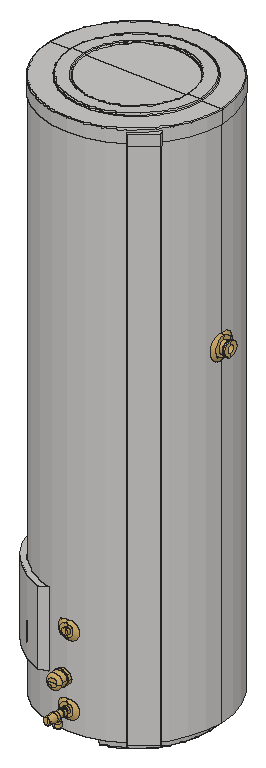
Revit family "HVAC_Water-Heaters_Enertech_CTC_Modul-400-E15", category Specialty Equipment, Revit 2018
Family settings
  Round Connector Dimension = Use Diameter
  Part Type = Normal
  OmniClass Number = 23.75.00.00
  OmniClass Title = Climate Control (HVAC)
  Work Plane-Based = No
  Always vertical = No
  Cut with Voids When Loaded = No
  Shared = No
  Room Calculation Point = No
Parameters (values of type "CTC Modul 400 E15")
  Weight = "61 kg"
  WaterVolumeWaterSuply = "380 liters"
  WaterVolumeHeathingSystem = "N/A"
  WarrantyStartDate [instance] = "n/a"
  WarrantyGuarantorParts = "n/a"
  WarrantyGuarantorLabor = "n/a"
  WarrantyDurationUnit = "Year"
  WarrantyDurationParts = "n/a"
  WarrantyDurationLabor = "n/a"
  WarrantyDescription = "n/a"
  VersionDate = "24/05/2022"  # constant formula
  Version = "1"  # constant formula
  UsageCurrent = 0 A
  Uniclass2015Reference = "Pr_40_70_65"
  Uniclass2015Description = "Preparation catering equipment"
  Uniclass2 = "Pr_40_70_65"
  URL = "https://ctc.se/produkter/varmvattenberedare/ctc-modul"
  UNSPSCCode = "40101825"
  Type Comments = ""
  Touchscreen = "no"
  TagNumber [instance] = "n/a"
  SustainabilityPerformance = "n/a"
  Status = "n/a"
  SpecifiedOutput = "N/A"
  SoundPowerLWA = "15 dB(A)"
  Sound pressureLPA 5m = "N/A"
  Sound pressureLPA 1m = "N/A"
  Sound pressureLPA 10m = "N/A"
  Size = "Ø 646 x 2132 mm"
  Shape = "round"
  SerialNumber [instance] = "7225 xxxx xxxx"
  SCOPWarm = "N/A"
  SCOPModerate = "N/A"
  SCOPCold = "N/A"
  Revision = "n/a"  # constant formula
  ReplacementCost = "n/a"
  RefrigerantType = "N/A"
  RefrigerantQuantity = "N/A"
  ReferenceAirFlowRate = "N/A"
  Reference = "n/a"
  RatedVoltage = 1200 V
  RatedHeatOutputModerate = "N/A"
  RatedCurrent = 21.68 A
  PumpSecondaryMaterial = Brass
  PumpMainMaterial = Stainless Steel
  ProductInformation = "A stainless steel hot water heater, specially developed for high hot water demands, suitable for use together with heat pumps, solar panels or other external heat sources. \nThe series comprises of heaters and a tank, which can be easily connected in series to the capacity of your choice. "
  Product data url = ""
  PowerFactor = 0 W
  PhaseReference = "n/a"
  PhaseAngle = 0.00°
  OutputRangeIimmersionHeater = "2.5 - 7.5 kW / 5 - 15 kW"
  OutputRange = "N/A"
  NumberOfPoles = 3
  NominalWidth = 652 mm
  NominalVoltage = 400 V
  NominalHeight = 2143.929 mm
  NominalFrequencyRange = 60 Hz
  NominalDepth = 652 mm
  NominalCurrent = 0 A
  Nominal air flow = "N/A"
  Name = "CTC_Modul-400-E15"  # constant formula
  NBSReference = "90-40-40/320"
  NBSDescription = "Air to water heat pumps"
  ModelReference = "n/a"
  ModelNumber = "589801001"
  MinimumCeilingHeight = "2210 mm"
  MaxStartingCurrent = "N/A"
  MaxOperatingPressureThermalStore = "N/A"
  MaxOperatingPressureHotWater = "10 bar"
  Material = "Steel"
  ManufacturerURL = "https://ctc.se/"
  ManufacturerName = "Enertech AB"
  Model = "CTC Modul 400 E15"
  ManufacturerCountry = "Sweden"
  Manufacturer = "Enertech AB"
  InsulationStandardClass = "n/a"
  InstallationDate [instance] = "n/a"
  InPutPower = "N/A"
  IfcExportType = "HEATER"  # constant formula
  IfcExportAs = "IfcElectricalDeviceCommon"  # constant formula
  IP_Code = "IP44"
  HotTapWaterPerformance = "571.6 liters"
  HasProtectiveEarth = yes
  GroupFuse = "13 A / 25 A"
  Grade = "n/a"
  Finish = "n/a"
  Features = "n/a"
  ExpectedLife = "n/a"
  EnergyClass_HotWater_TapProfile = "A/XL"
  EnergyClass_HotWater = "D / XL"
  EnergyClassHeatingWithoutControl = "N/A"
  EnergyClassHeatingWithControl = "N/A"
  ElectricalDeviceNominalPower = 15000 W
  EER A35: W7/W18 = "N/A"
  EER A27: W7/W18 = "N/A"
  EANNumber = "7333077095475"
  DurationUnit = "Year"
  Description = "A stainless steel hot water heater, specially developed for high hot water demands, suitable for use together with heat pumps, solar panels or other external heat sources. \nThe series comprises of heaters and a tank, which can be easily connected in series to the capacity of your choice. "
  Cost = 0
  CoolingCapacity A27: W7/W18 = "N/A"
  Cooling capacity A35: W7/W18 = "N/A"
  Constituents = "n/a"
  ConductorFunction = "n/a"
  Color = "white"
  CodePerformance = "n/a"
  Capacity = "N/A"
  COP = "N/A"
  CO2Equivalent = "N/A"
  BrineSystem_Min_MaxPressure = "N/A"
  Barcode [instance] = "n/a"
  AssetIdentifier [instance] = "n/a"
  Category = "Water heater"
  Brand = "CTC"
  BIMObjectName = "HVAC_Water-Heaters_Enertech_CTC_Modul-400-E15"  # constant formula
  Author = "BIMStone"  # constant formula
  AssetType = "Fixed"
  Artikel nr. = ""
  AirFlow = "N/A"
  Accessories = ""
  AccessibilityPerformance = "n/a"
Reference planes
  plane 1 "Center (Front/Back)": y = 0
  plane 2: z = 0
  plane 3 "Center (Left/Right)": x = 0
  plane 4: z = 2143.929
  plane 5: y = 326
  plane 6: y = -326
  plane 7: x = -326
  plane 8: x = 326
Dimensions and locks
  "NominalHeight": plane 4 to level
  equal spacing: plane 5, plane 1 "Center (Front/Back)", plane 6
  "NominalDepth": plane 5 to plane 6
  equal spacing: plane 7, plane 3 "Center (Left/Right)", plane 8
  "NominalWidth": plane 7 to plane 8
  aligned and locked: level to plane 2
Nested families
  nested 1: "Modul-400-E15" at (0, 0, 0), Body <- "PumpMainMaterial", Connections <- "PumpSecondaryMaterial", Detail <- "PumpMainMaterial", type "Modul-400-E15"
    with Detail Stainless Steel, Connections Brass, Body Stainless Steel
Connectors
  electrical at (0, 88.258, 11.929), driven by "NominalVoltage"
    settings: on nested 1, index 1, voltage 400 V, apparent load 0 VA, apparent load phase1 0 VA, apparent load phase2 0 VA, apparent load phase3 0 VA, power factor 1, load classification "Other", number of poles 1, system type 31, power factor state 1, is connector primary yes, connector utility no, sub classification motor no, connector description ""
Definition of nested family "Modul-400-E15"
  Parameters (values of type "Modul-400-E15")
    Detail [instance] = none
    Connections [instance] = none
    Body [instance] = none
  Reference planes
    plane 1 "Center (Front/Back)": y = 0
    plane 2: z = 0
    plane 3 "Center (Left/Right)": x = 0
    plane 4: z = 2143.929
    plane 5: x = -326
    plane 6: x = 326
    plane 7: y = -326
    plane 8: y = 326
  Forms (mm)
    Revolve 1, solid, material <- "Body", detail levels medium+fine
      sketch origin (0, 0, 0) x (1, 0, 0) y (0, 0, 1)
        loop
          line (0, 2088.1) -> (-323, 2088.1) -> (-323, 56.6) -> (0, 56.6) -> (0, 2088.1)
        axis (0, 56.6) -> (0, 2088.1)
      angle from 0 to 360
    Extrusion 2, void
      sketch origin (0, 0, 0) x (1, 0, 0) y (0, 1, 0)
        loop
          line (-65.389, -203.149) -> (-78.498, -292.329) -> (78.498, -292.329) -> (65.389, -203.149) -> (208.301, 292.329) -> (185.67, 292.329) -> (50.916, -173.945)
          arc (50.916, -173.945) -> (0, -212.23) -> (-50.916, -173.945) r 53
          line (-50.916, -173.945) -> (-185.67, 292.329) -> (-208.301, 292.329) -> (-65.389, -203.149)
      from 0 to 40
    Revolve 3, solid, material <- "Detail", detail levels medium+fine
      sketch origin (0, 223.5, 0) x (1, 0, 0) y (0, 0, 1)
        loop
          line (0, 0) -> (0, 22.972)
          arc (0, 22.972) -> (-7.73, 18.865) -> (-14.115, 12.878) r 33.139
          arc (-14.115, 12.878) -> (-16.138, 8.669) -> (-16.018, 4) r 9.947
          line (-16.018, 4) -> (-23.523, 4) -> (-23.523, 0) -> (0, 0)
        axis (0, 22.972) -> (0, 0)
      angle from 0 to 360
    Revolve 4, solid, material <- "Detail", detail levels medium+fine
      sketch origin (193.557, -111.75, 0) x (-0.5, -0.866025, 0) y (0, 0, 1)
        loop
          line (0, 0) -> (0, 22.972)
          arc (0, 22.972) -> (-7.73, 18.865) -> (-14.115, 12.878) r 33.139
          arc (-14.115, 12.878) -> (-16.138, 8.669) -> (-16.018, 4) r 9.947
          line (-16.018, 4) -> (-23.523, 4) -> (-23.523, 0) -> (0, 0)
        axis (0, 22.972) -> (0, 0)
      angle from 0 to 360
    Revolve 5, solid, material <- "Detail", detail levels medium+fine
      sketch origin (-193.557, -111.75, 0) x (0.5, -0.866025, 0) y (0, 0, -1)
        loop
          line (0, 0) -> (-23.523, 0) -> (-23.523, -4) -> (-16.018, -4)
          arc (-16.018, -4) -> (-16.138, -8.669) -> (-14.115, -12.878) r 9.947
          arc (-14.115, -12.878) -> (-7.73, -18.865) -> (0, -22.972) r 33.139
          line (0, -22.972) -> (0, 0)
        axis (0, -22.972) -> (0, 0)
      angle from 0 to 360
    Extrusion 6, solid, material <- "Detail", detail levels medium+fine
      sketch origin (0, 0, 0) x (1, 0, 0) y (0, 1, 0)
        loop
          arc (-333.465, -84.481) -> (-253.623, -232.403) -> (-113.223, -324.833) r 344
          line (-113.223, -324.833) -> (-82.763, -312.217)
          arc (-82.763, -312.217) -> (-238.141, -218.216) -> (-318.242, -55.237) r 323
          line (-318.242, -55.237) -> (-333.465, -84.481)
      from 228.199 to 511.135
    Revolve 7, solid, material <- "Connections", detail levels medium+fine
      sketch origin (-41.555, 0, 0) x (1, 0, 0) y (0, 0, 1)
        loop
          line (-315.295, 1361.3) -> (-315.295, 1350.3) -> (-273.295, 1350.3) -> (-273.295, 1390.8) -> (-288.295, 1370.8) -> (-288.295, 1358.3) -> (-303.295, 1358.3)
          arc (-303.295, 1358.3) -> (-303.588, 1357.593) -> (-304.295, 1357.3) r 1
          line (-304.295, 1357.3) -> (-308.795, 1357.3) -> (-310.595, 1361.3) -> (-315.295, 1361.3)
        loop
          line (398.405, 1361.3) -> (393.705, 1361.3) -> (391.905, 1357.3) -> (387.405, 1357.3)
          arc (387.405, 1357.3) -> (386.698, 1357.593) -> (386.405, 1358.3) r 1
          line (386.405, 1358.3) -> (371.405, 1358.3) -> (371.405, 1370.8) -> (356.405, 1390.8) -> (356.405, 1350.3) -> (398.405, 1350.3) -> (398.405, 1361.3)
        axis (398.405, 1334.156) -> (-315.295, 1334.156)
      angle from 0 to 360
    Revolve 8, solid, material <- "Connections", detail levels medium+fine
      sketch origin (0, -39.85, 0) x (0, 1, 0) y (0, 0, 1)
        loop
          line (-382, 145.3) -> (-382, 132.761) -> (-279.601, 132.761) -> (-279.601, 171.665) -> (-290, 157.8) -> (-290, 145.295) -> (-301, 145.295) -> (-301, 143.8)
          arc (-301, 143.8) -> (-301.146, 144.154) -> (-301.5, 144.3) r 0.5
          line (-301.5, 144.3) -> (-303, 144.3) -> (-304, 144.8) -> (-305.002, 144.8) -> (-305.002, 145.8)
          arc (-305.002, 145.8) -> (-305.148, 146.154) -> (-305.502, 146.3) r 0.5
          line (-305.502, 146.3) -> (-314, 146.3) -> (-314, 142.3) -> (-318, 142.3) -> (-318, 143.55) -> (-321, 143.55) -> (-321, 145.3) -> (-338.5, 145.3) -> (-341, 148.3) -> (-353, 148.3) -> (-382, 145.3)
        axis (-279.601, 132.761) -> (-382, 132.761)
      angle from 0 to 360
    Revolve 9, solid, material <- "Connections", detail levels medium+fine
      sketch origin (0, -39.85, 0) x (0, 1, 0) y (0, 0, 1)
        loop
          line (-333, 132.761) -> (-342.646, 132.761) -> (-342.646, 116.154) -> (-343.5, 115.3) -> (-343.5, 106.8) -> (-346.5, 106.8) -> (-346.5, 97.8) -> (-345, 97.8) -> (-345, 96.8) -> (-344.5, 95.8) -> (-344.5, 94.3)
          arc (-344.5, 94.3) -> (-344.354, 93.946) -> (-344, 93.8) r 0.5
          line (-344, 93.8) -> (-333, 93.8) -> (-333, 132.761)
        axis (-333, 93.8) -> (-333, 132.761)
      angle from 0 to 360
    Revolve 10, solid, material <- "Connections", detail levels medium+fine
      sketch origin (0, 0, 236.341) x (1, 0, 0) y (0, 1, 0)
        loop
          line (-18.613, -302.394) -> (-47.538, -302.394) -> (-47.538, -332.876) -> (-41.904, -332.876) -> (-41.904, -340.373) -> (-45.808, -340.373) -> (-45.808, -362.394)
          arc (-45.808, -362.394) -> (-42.879, -369.466) -> (-35.808, -372.394) r 10
          line (-35.808, -372.394) -> (-18.613, -372.394) -> (-18.613, -302.394)
        axis (-18.613, -302.394) -> (-18.613, -372.394)
      angle from 0 to 360
    Revolve 11, solid, material <- "Detail", detail levels medium+fine
      sketch origin (0, 0, 0) x (1, 0, 0) y (0, 0, 1)
        loop
          line (0, 11.929) -> (0, 101.6) -> (-287.469, 101.6) -> (-292.329, 81.456)
          arc (-292.329, 81.456) -> (-290.737, 79.176) -> (-288.25, 77.931) r 5.65
          arc (-288.25, 77.931) -> (-285.009, 45.784) -> (-278.387, 14.16) r 305.049
          arc (-278.387, 14.16) -> (-277.316, 12.551) -> (-275.487, 11.929) r 3
          line (-275.487, 11.929) -> (0, 11.929)
        loop
          line (-326, 2088.1) -> (0, 2088.1) -> (0, 2138.1) -> (-192.26, 2138.1)
          arc (-192.26, 2138.1) -> (-194.205, 2138.906) -> (-195.011, 2140.851) r 2.751
          arc (-195.011, 2140.851) -> (-195.816, 2142.795) -> (-197.76, 2143.6) r 2.749
          line (-197.76, 2143.6) -> (-242.261, 2143.6)
          arc (-242.261, 2143.6) -> (-244.205, 2142.795) -> (-245.011, 2140.851) r 2.749
          arc (-245.011, 2140.851) -> (-245.816, 2138.906) -> (-247.761, 2138.1) r 2.751
          line (-247.761, 2138.1) -> (-323, 2138.1)
          arc (-323, 2138.1) -> (-325.121, 2137.221) -> (-326, 2135.1) r 3
          line (-326, 2135.1) -> (-326, 2088.1)
        axis (0, 11.929) -> (0, 2143.6)
      angle from 0 to 360
    Extrusion 12, solid, material <- "Body", detail levels coarse
      sketch origin (0, 0, 0) x (1, 0, 0) y (0, 1, 0)
        loop
          line (-326, 326) -> (-326, -326) -> (326, -326) -> (326, 326) -> (-326, 326)
      from 0 to 2143.929
    Extrusion 13, solid, material <- "Detail", detail levels medium+fine
      sketch origin (0, 0, 0) x (1, 0, 0) y (0, 1, 0)
        loop
          line (-266.595, 216.188) -> (-245.99, 193.701) -> (-171.525, 261.936) -> (-192.13, 284.423)
          arc (-192.13, 284.423) -> (-193.171, 284.908) -> (-194.25, 284.515) r 1.5
          line (-194.25, 284.515) -> (-266.503, 218.308)
          arc (-266.503, 218.308) -> (-266.988, 217.267) -> (-266.595, 216.188) r 1.5
        loop
          arc (266.503, -218.308) -> (266.988, -217.267) -> (266.595, -216.188) r 1.5
          line (266.595, -216.188) -> (245.99, -193.701) -> (171.525, -261.936) -> (192.13, -284.423)
          arc (192.13, -284.423) -> (193.171, -284.908) -> (194.25, -284.516) r 1.5
          line (194.25, -284.516) -> (266.503, -218.308)
      from 56.6 to 2088.1
    Extrusion 14, solid, material <- "Detail", detail levels medium+fine
      sketch origin (0, 0, 0) x (1, 0, 0) y (0, 1, 0)
        loop
          line (246.082, -191.582) -> (169.406, -261.844) -> (191.024, -285.436)
          arc (191.024, -285.436) -> (193.105, -286.407) -> (195.263, -285.621) r 3
          line (195.263, -285.621) -> (267.516, -219.414)
          arc (267.516, -219.414) -> (268.487, -217.333) -> (267.701, -215.175) r 3
          line (267.701, -215.175) -> (246.082, -191.582)
        loop
          line (-246.082, 191.582) -> (-169.406, 261.843) -> (-191.024, 285.436)
          arc (-191.024, 285.436) -> (-193.105, 286.407) -> (-195.263, 285.621) r 3
          line (-195.263, 285.621) -> (-267.516, 219.414)
          arc (-267.516, 219.414) -> (-268.487, 217.333) -> (-267.701, 215.175) r 3
          line (-267.701, 215.175) -> (-246.082, 191.582)
      from 2128.794 to 2088.1
    Revolve 15, solid, material <- "Connections", detail levels medium+fine
      sketch origin (0, -39.85, 268.539) x (0, 1, 0) y (0, 0, 1)
        loop
          line (-279.601, 132.761) -> (-279.601, 171.665) -> (-290, 157.8) -> (-290, 145.295) -> (-298, 145.295) -> (-298, 132.761) -> (-279.601, 132.761)
        axis (-279.601, 132.761) -> (-298, 132.761)
      angle from 0 to 360
  Cuts and joins
    Extrusion 2 cuts Revolve 11
    joined: Revolve 8, Revolve 9
  Lines and regions (mm)
    symbolic lines, detail levels medium+fine
      curve 1: arc (0, 278.387, 14.16) -> (0, 283.188, 35.236) -> (0, 286.485, 56.6) r 305.049
      curve 2: line (0, 0, 11.929) -> (0, 208.699, 11.929)
      curve 3: arc (0, 275.487, 11.929) -> (0, 277.316, 12.551) -> (0, 278.387, 14.16) r 3
      curve 4: arc (0, -278.387, 14.16) -> (0, -283.188, 35.236) -> (0, -286.485, 56.6) r 305.049
      curve 5: line (0, 0, 11.929) -> (0, -96.949, 11.929)
      curve 6: arc (0, -275.487, 11.929) -> (0, -277.316, 12.551) -> (0, -278.387, 14.16) r 3
      curve 7: arc (0, 239.518, 4) -> (0, 239.744, 8.093) -> (0, 238.301, 11.929) r 9.947
      curve 8: line (0, 223.5, 0) -> (0, 247.023, 0)
      curve 9: line (0, 247.023, 0) -> (0, 247.023, 4)
      curve 10: line (0, 247.023, 4) -> (0, 239.518, 4)
      curve 11: arc (0, 207.482, 4) -> (0, 207.256, 8.093) -> (0, 208.699, 11.929) r 9.947
      curve 12: line (0, 223.5, 0) -> (0, 199.977, 0)
      curve 13: line (0, 199.977, 0) -> (0, 199.977, 4)
      curve 14: line (0, 199.977, 4) -> (0, 207.482, 4)
      curve 15: arc (0, -95.732, 4) -> (0, -95.506, 8.093) -> (0, -96.949, 11.929) r 9.947
      curve 16: line (0, -111.75, 0) -> (0, -88.227, 0)
      curve 17: line (0, -88.227, 0) -> (0, -88.227, 4)
      curve 18: line (0, -88.227, 4) -> (0, -95.732, 4)
      curve 19: arc (0, -127.768, 4) -> (0, -127.994, 8.093) -> (0, -126.551, 11.929) r 9.947
      curve 20: line (0, -111.75, 0) -> (0, -135.273, 0)
      curve 21: line (0, -135.273, 0) -> (0, -135.273, 4)
      curve 22: line (0, -135.273, 4) -> (0, -127.768, 4)
      curve 23: arc (-286.485, 0, 56.6) -> (-283.188, 0, 35.236) -> (-278.387, 0, 14.16) r 305.049
      curve 24: arc (-278.387, 0, 14.16) -> (-277.316, 0, 12.551) -> (-275.487, 0, 11.929) r 3
      curve 25: line (-275.487, 0, 11.929) -> (-208.358, 0, 11.929)
      curve 26: arc (-208.358, 0, 11.929) -> (-209.801, 0, 8.093) -> (-209.574, 0, 4) r 9.947
      curve 27: line (-209.574, 0, 4) -> (-217.08, 0, 4)
      curve 28: line (-217.08, 0, 4) -> (-217.08, 0, 0)
      curve 29: line (-217.08, 0, 0) -> (-193.557, 0, 0)
      curve 30: arc (-178.756, 0, 11.929) -> (-177.313, 0, 8.093) -> (-177.539, 0, 4) r 9.947
      curve 31: line (-177.539, 0, 4) -> (-170.034, 0, 4)
      curve 32: line (-170.034, 0, 4) -> (-170.034, 0, 0)
      curve 33: line (-170.034, 0, 0) -> (-193.557, 0, 0)
      curve 35: line (-178.756, 0, 11.929) -> (-14.801, 0, 11.929)
      curve 39: line (-356.85, 0, 1361.3) -> (-356.85, 0, 1334.156)
      curve 40: line (-323, 0, 1379.933) -> (-329.85, 0, 1370.8)
      curve 41: line (-329.85, 0, 1370.8) -> (-329.85, 0, 1358.3)
      curve 42: line (-329.85, 0, 1358.3) -> (-344.85, 0, 1358.3)
      curve 43: arc (-344.85, 0, 1358.3) -> (-345.143, 0, 1357.593) -> (-345.85, 0, 1357.3) r 1
      curve 44: line (-345.85, 0, 1357.3) -> (-350.35, 0, 1357.3)
      curve 45: line (-350.35, 0, 1357.3) -> (-352.15, 0, 1361.3)
      curve 46: line (-352.15, 0, 1361.3) -> (-356.85, 0, 1361.3)
      curve 49: line (-356.85, 0, 1307.012) -> (-356.85, 0, 1334.156)
      curve 50: line (-329.85, 0, 1297.512) -> (-329.85, 0, 1310.012)
      curve 51: line (-329.85, 0, 1310.012) -> (-344.85, 0, 1310.012)
      curve 52: arc (-344.85, 0, 1310.012) -> (-345.143, 0, 1310.72) -> (-345.85, 0, 1311.012) r 1
      curve 53: line (-345.85, 0, 1311.012) -> (-350.35, 0, 1311.012)
      curve 54: line (-350.35, 0, 1311.012) -> (-352.15, 0, 1307.012)
      curve 55: line (-352.15, 0, 1307.012) -> (-356.85, 0, 1307.012)
      curve 100: line (0, -360.85, 145.3) -> (0, -378.35, 145.3)
      curve 101: line (0, -378.35, 145.3) -> (0, -380.85, 148.3)
      curve 102: line (0, -380.85, 148.3) -> (0, -392.85, 148.3)
      curve 103: line (0, -392.85, 148.3) -> (0, -421.85, 145.3)
      curve 104: line (0, -421.85, 145.3) -> (0, -421.85, 132.761)
      curve 105: line (0, -329.85, 145.295) -> (0, -340.85, 145.295)
      curve 106: line (0, -340.85, 143.8) -> (0, -340.85, 145.295)
      curve 107: arc (0, -340.85, 143.8) -> (0, -340.996, 144.154) -> (0, -341.35, 144.3) r 0.5
      curve 108: line (0, -341.35, 144.3) -> (0, -342.85, 144.3)
      curve 109: line (0, -342.85, 144.3) -> (0, -343.85, 144.8)
      curve 110: line (0, -343.85, 144.8) -> (0, -344.852, 144.8)
      curve 111: line (0, -344.852, 144.8) -> (0, -344.852, 145.8)
      curve 112: arc (0, -344.852, 145.8) -> (0, -344.998, 146.154) -> (0, -345.352, 146.3) r 0.5
      curve 113: line (0, -345.352, 146.3) -> (0, -353.85, 146.3)
      curve 114: line (0, -353.85, 146.3) -> (0, -353.85, 142.3)
      curve 115: line (0, -353.85, 142.3) -> (0, -357.85, 142.3)
      curve 116: line (0, -357.85, 142.3) -> (0, -357.85, 143.55)
      curve 117: line (0, -357.85, 143.55) -> (0, -360.85, 143.55)
      curve 118: line (0, -360.85, 143.55) -> (0, -360.85, 145.3)
      curve 124: line (0, -360.85, 120.221) -> (0, -363.204, 120.221)
      curve 127: line (0, -392.85, 117.221) -> (0, -421.85, 120.221)
      curve 128: line (0, -421.85, 120.221) -> (0, -421.85, 132.761)
      curve 129: line (0, -329.85, 120.227) -> (0, -340.85, 120.227)
      curve 130: line (0, -340.85, 121.721) -> (0, -340.85, 120.227)
      curve 131: arc (0, -340.85, 121.721) -> (0, -340.996, 121.368) -> (0, -341.35, 121.221) r 0.5
      curve 132: line (0, -341.35, 121.221) -> (0, -342.85, 121.221)
      curve 133: line (0, -342.85, 121.221) -> (0, -343.85, 120.721)
      curve 134: line (0, -343.85, 120.721) -> (0, -344.852, 120.721)
      curve 135: line (0, -344.852, 120.721) -> (0, -344.852, 119.721)
      curve 136: arc (0, -344.852, 119.721) -> (0, -344.998, 119.368) -> (0, -345.352, 119.221) r 0.5
      curve 137: line (0, -345.352, 119.221) -> (0, -353.85, 119.221)
      curve 138: line (0, -353.85, 119.221) -> (0, -353.85, 123.221)
      curve 139: line (0, -353.85, 123.221) -> (0, -357.85, 123.221)
      curve 140: line (0, -357.85, 123.221) -> (0, -357.85, 121.971)
      curve 141: line (0, -357.85, 121.971) -> (0, -360.85, 121.971)
      curve 142: line (0, -360.85, 121.971) -> (0, -360.85, 120.221)
      curve 148: line (0, -383.35, 115.3) -> (0, -383.35, 106.8)
      curve 149: line (0, -383.35, 106.8) -> (0, -386.35, 106.8)
      curve 150: line (0, -386.35, 106.8) -> (0, -386.35, 97.8)
      curve 151: line (0, -386.35, 97.8) -> (0, -384.85, 97.8)
      curve 152: line (0, -384.85, 97.8) -> (0, -384.85, 96.8)
      curve 153: line (0, -384.85, 96.8) -> (0, -384.35, 95.8)
      curve 154: line (0, -384.35, 95.8) -> (0, -384.35, 94.3)
      curve 155: arc (0, -384.35, 94.3) -> (0, -384.204, 93.946) -> (0, -383.85, 93.8) r 0.5
      curve 156: line (0, -383.85, 93.8) -> (0, -372.85, 93.8)
      curve 157: line (0, -382.496, 117.221) -> (0, -382.496, 116.154)
      curve 158: line (0, -382.496, 116.154) -> (0, -383.35, 115.3)
      curve 163: line (0, -362.35, 115.3) -> (0, -362.35, 106.8)
      curve 164: line (0, -362.35, 106.8) -> (0, -359.35, 106.8)
      curve 165: line (0, -359.35, 106.8) -> (0, -359.35, 97.8)
      curve 166: line (0, -359.35, 97.8) -> (0, -360.85, 97.8)
      curve 167: line (0, -360.85, 97.8) -> (0, -360.85, 96.8)
      curve 168: line (0, -360.85, 96.8) -> (0, -361.35, 95.8)
      curve 169: line (0, -361.35, 95.8) -> (0, -361.35, 94.3)
      curve 170: arc (0, -361.35, 94.3) -> (0, -361.496, 93.946) -> (0, -361.85, 93.8) r 0.5
      curve 171: line (0, -361.85, 93.8) -> (0, -372.85, 93.8)
      curve 172: line (0, -363.204, 120.221) -> (0, -363.204, 116.154)
      curve 173: line (0, -363.204, 116.154) -> (0, -362.35, 115.3)
      curve 178: line (0, -382.496, 117.221) -> (0, -392.85, 117.221)
      curve 182: line (-12.539, -421.85, 0) -> (-15.539, -392.85, 0)
      curve 183: line (-15.539, -392.85, 0) -> (-15.539, -380.85, 0)
      curve 184: line (-15.539, -380.85, 0) -> (-12.539, -378.35, 0)
      curve 185: line (-12.539, -378.35, 0) -> (-12.539, -372.394, 0)
      curve 186: line (0, -421.85, 0) -> (-12.539, -421.85, 0)
      curve 188: line (-323, 0, 1288.379) -> (-329.85, 0, 1297.512)
      curve 189: line (-247.761, 0, 2138.1) -> (-323, 0, 2138.1)
      curve 190: arc (-323, 0, 2138.1) -> (-325.121, 0, 2137.221) -> (-326, 0, 2135.1) r 3
      curve 191: line (-326, 0, 2135.1) -> (-326, 0, 2088.1)
      curve 192: line (-326, 0, 2088.1) -> (-323, 0, 2088.1)
      curve 193: line (0, 0, 2143.6) -> (-242.261, 0, 2143.6)
      curve 194: arc (-242.261, 0, 2143.6) -> (-244.205, 0, 2142.795) -> (-245.011, 0, 2140.851) r 2.749
      curve 195: arc (-245.011, 0, 2140.851) -> (-245.816, 0, 2138.906) -> (-247.761, 0, 2138.1) r 2.751
      curve 196: line (-323, 0, 2088.1) -> (-323, 0, 1379.933)
      curve 198: line (-323, 0, 1288.379) -> (-323, 0, 551.019)
      curve 199: line (-323, 0, 56.6) -> (-286.485, 0, 56.6)
      curve 200: arc (286.485, 0, 56.6) -> (283.188, 0, 35.236) -> (278.387, 0, 14.16) r 305.049
      curve 201: arc (278.387, 0, 14.16) -> (277.316, 0, 12.551) -> (275.487, 0, 11.929) r 3
      curve 202: line (275.487, 0, 11.929) -> (208.358, 0, 11.929)
      curve 203: arc (208.358, 0, 11.929) -> (209.801, 0, 8.093) -> (209.574, 0, 4) r 9.947
      curve 204: line (209.574, 0, 4) -> (217.08, 0, 4)
      curve 205: line (217.08, 0, 4) -> (217.08, 0, 0)
      curve 206: line (217.08, 0, 0) -> (193.557, 0, 0)
      curve 207: arc (178.756, 0, 11.929) -> (177.313, 0, 8.093) -> (177.539, 0, 4) r 9.947
      curve 208: line (177.539, 0, 4) -> (170.034, 0, 4)
      curve 209: line (170.034, 0, 4) -> (170.034, 0, 0)
      curve 210: line (170.034, 0, 0) -> (193.557, 0, 0)
      curve 212: line (178.756, 0, 11.929) -> (14.801, 0, 11.929)
      curve 214: line (356.85, 0, 1361.3) -> (356.85, 0, 1334.156)
      curve 215: line (323, 0, 1379.933) -> (329.85, 0, 1370.8)
      curve 216: line (329.85, 0, 1370.8) -> (329.85, 0, 1358.3)
      curve 217: line (329.85, 0, 1358.3) -> (344.85, 0, 1358.3)
      curve 218: arc (344.85, 0, 1358.3) -> (345.143, 0, 1357.593) -> (345.85, 0, 1357.3) r 1
      curve 219: line (345.85, 0, 1357.3) -> (350.35, 0, 1357.3)
      curve 220: line (350.35, 0, 1357.3) -> (352.15, 0, 1361.3)
      curve 221: line (352.15, 0, 1361.3) -> (356.85, 0, 1361.3)
      curve 224: line (356.85, 0, 1307.012) -> (356.85, 0, 1334.156)
      curve 225: line (329.85, 0, 1297.512) -> (329.85, 0, 1310.012)
      curve 226: line (329.85, 0, 1310.012) -> (344.85, 0, 1310.012)
      curve 227: arc (344.85, 0, 1310.012) -> (345.143, 0, 1310.72) -> (345.85, 0, 1311.012) r 1
      curve 228: line (345.85, 0, 1311.012) -> (350.35, 0, 1311.012)
      curve 229: line (350.35, 0, 1311.012) -> (352.15, 0, 1307.012)
      curve 230: line (352.15, 0, 1307.012) -> (356.85, 0, 1307.012)
      curve 235: line (323, 0, 1288.379) -> (329.85, 0, 1297.512)
      curve 236: line (247.761, 0, 2138.1) -> (323, 0, 2138.1)
      curve 237: arc (323, 0, 2138.1) -> (325.121, 0, 2137.221) -> (326, 0, 2135.1) r 3
      curve 238: line (326, 0, 2135.1) -> (326, 0, 2088.1)
      curve 239: line (326, 0, 2088.1) -> (323, 0, 2088.1)
      curve 240: line (0, 0, 2143.6) -> (242.261, 0, 2143.6)
      curve 241: arc (242.261, 0, 2143.6) -> (244.205, 0, 2142.795) -> (245.011, 0, 2140.851) r 2.749
      curve 242: arc (245.011, 0, 2140.851) -> (245.816, 0, 2138.906) -> (247.761, 0, 2138.1) r 2.751
      curve 243: line (323, 0, 2088.1) -> (323, 0, 1379.933)
      curve 245: line (323, 0, 1288.379) -> (323, 0, 56.6)
      curve 246: line (323, 0, 56.6) -> (286.485, 0, 56.6)
      curve 247: arc (-14.801, 0, 11.929) -> (-16.244, 0, 8.093) -> (-16.018, 0, 4) r 9.947
      curve 248: line (-16.018, 0, 4) -> (-23.523, 0, 4)
      curve 249: line (-23.523, 0, 4) -> (-23.523, 0, 0)
      curve 250: line (-23.523, 0, 0) -> (0, 0, 0)
      curve 251: arc (14.801, 0, 11.929) -> (16.244, 0, 8.093) -> (16.018, 0, 4) r 9.947
      curve 252: line (16.018, 0, 4) -> (23.523, 0, 4)
      curve 253: line (23.523, 0, 4) -> (23.523, 0, 0)
      curve 254: line (23.523, 0, 0) -> (0, 0, 0)
      curve 266: line (-333.181, 0, 483.156) -> (-333.181, 0, 237.676)
      curve 271: spline (-326.73, 0, 550.836) -> (-326.506, 0, 550.852) -> (-326.266, 0, 550.868) -> (-326.011, 0, 550.884) -> (-325.74, 0, 550.899) -> (-325.452, 0, 550.915) -> (-325.149, 0, 550.93) -> (-324.831, 0, 550.946) -> (-324.496, 0, 550.961) -> (-324.146, 0, 550.975) -> (-323.78, 0, 550.99) -> (-323.398, 0, 551.005) -> (-323, 0, 551.019)
      curve 272: line (-326.73, 0, 550.836) -> (-326.73, 0, 501.357)
      curve 273: spline (-333.181, 0, 237.676) -> (-332.643, 0, 237.348) -> (-332.106, 0, 237.02) -> (-331.568, 0, 236.693) -> (-331.031, 0, 236.365) -> (-330.493, 0, 236.038) -> (-329.956, 0, 235.711) -> (-329.418, 0, 235.384) -> (-328.88, 0, 235.058) -> (-328.343, 0, 234.732) -> (-327.805, 0, 234.406) -> (-327.267, 0, 234.08) -> (-326.73, 0, 233.754)
      curve 274: line (-326.73, 0, 233.754) -> (-326.73, 0, 193.241)
      curve 275: line (-323, 0, 193.237) -> (-323, 0, 56.6)
      curve 277: line (-323, 0, 193.237) -> (-326.73, 0, 193.241)
      curve 279: line (-326.73, 0, 501.357) -> (-333.181, 0, 483.156)
      curve 289: line (0, 323, 56.6) -> (0, 286.485, 56.6)
      curve 291: line (0, 323, 2088.1) -> (0, 323, 56.6)
      curve 292: arc (0, 326, 2135.1) -> (0, 325.121, 2137.221) -> (0, 323, 2138.1) r 3
      curve 293: line (0, 323, 2138.1) -> (0, 247.761, 2138.1)
      curve 294: arc (0, 247.761, 2138.1) -> (0, 245.816, 2138.906) -> (0, 245.011, 2140.851) r 2.751
      curve 295: arc (0, 245.011, 2140.851) -> (0, 244.205, 2142.795) -> (0, 242.261, 2143.6) r 2.749
      curve 296: line (0, 242.261, 2143.6) -> (0, 197.76, 2143.6)
      curve 297: arc (0, 197.76, 2143.6) -> (0, 195.816, 2142.795) -> (0, 195.011, 2140.851) r 2.749
      curve 298: arc (0, 195.011, 2140.851) -> (0, 194.205, 2138.906) -> (0, 192.26, 2138.1) r 2.751
      curve 299: line (0, 192.26, 2138.1) -> (0, 0, 2138.1)
      curve 300: line (0, 326, 2088.1) -> (0, 326, 2135.1)
      curve 301: line (0, 323, 2088.1) -> (0, 326, 2088.1)
      curve 302: line (0, -323, 56.6) -> (0, -286.485, 56.6)
      curve 304: line (0, -323, 2088.1) -> (0, -323, 435.473)
      curve 305: arc (0, -326, 2135.1) -> (0, -325.121, 2137.221) -> (0, -323, 2138.1) r 3
      curve 306: line (0, -323, 2138.1) -> (0, -247.761, 2138.1)
      curve 307: arc (0, -247.761, 2138.1) -> (0, -245.816, 2138.906) -> (0, -245.011, 2140.851) r 2.751
      curve 308: arc (0, -245.011, 2140.851) -> (0, -244.205, 2142.795) -> (0, -242.261, 2143.6) r 2.749
      curve 309: line (0, -242.261, 2143.6) -> (0, -197.76, 2143.6)
      curve 310: arc (0, -197.76, 2143.6) -> (0, -195.816, 2142.795) -> (0, -195.011, 2140.851) r 2.749
      curve 311: arc (0, -195.011, 2140.851) -> (0, -194.205, 2138.906) -> (0, -192.26, 2138.1) r 2.751
      curve 312: line (0, -192.26, 2138.1) -> (0, 0, 2138.1)
      curve 313: line (0, -326, 2088.1) -> (0, -326, 2135.1)
      curve 314: line (0, -323, 2088.1) -> (0, -326, 2088.1)
      curve 317: line (0, 238.301, 11.929) -> (0, 275.487, 11.929)
      curve 320: line (0, -126.551, 11.929) -> (0, -275.487, 11.929)
      curve 321: line (0, -323, 166.933) -> (0, -329.85, 157.8)
      curve 322: line (0, -329.85, 145.295) -> (0, -329.85, 157.8)
      curve 323: line (0, -323, 98.588) -> (0, -329.85, 107.721)
      curve 324: line (0, -329.85, 120.227) -> (0, -329.85, 107.721)
      curve 325: line (0, -323, 98.588) -> (0, -323, 56.6)
      curve 327: line (0, -362.394, 209.146) -> (0, -340.373, 209.146)
      curve 328: line (0, -340.373, 209.146) -> (0, -340.373, 213.05)
      curve 329: line (0, -340.373, 213.05) -> (0, -332.876, 213.05)
      curve 330: line (0, -332.876, 213.05) -> (0, -332.876, 207.415)
      curve 331: line (0, -332.876, 207.415) -> (0, -323, 207.415)
      curve 332: line (0, -372.394, 236.341) -> (0, -372.394, 219.146)
      curve 333: arc (0, -372.394, 219.146) -> (0, -369.466, 212.075) -> (0, -362.394, 209.146) r 10
      curve 334: line (0, -362.394, 263.536) -> (0, -340.373, 263.536)
      curve 335: line (0, -340.373, 263.536) -> (0, -340.373, 259.632)
      curve 336: line (0, -340.373, 259.632) -> (0, -332.876, 259.632)
      curve 337: line (0, -332.876, 259.632) -> (0, -332.876, 265.267)
      curve 338: line (0, -332.876, 265.267) -> (0, -323, 265.267)
      curve 339: line (0, -372.394, 236.341) -> (0, -372.394, 253.536)
      curve 340: arc (0, -372.394, 253.536) -> (0, -369.466, 260.607) -> (0, -362.394, 263.536) r 10
      curve 343: line (0, -323, 207.415) -> (0, -323, 166.933)
      curve 345: line (0, -323, 435.473) -> (0, -329.85, 426.339)
      curve 346: line (0, -329.85, 426.339) -> (0, -329.85, 413.834)
      curve 347: line (0, -329.85, 413.834) -> (0, -337.85, 413.834)
      curve 348: line (0, -337.85, 413.834) -> (0, -337.85, 401.3)
      curve 350: line (0, -323, 367.127) -> (0, -329.85, 376.261)
      curve 351: line (0, -329.85, 376.261) -> (0, -329.85, 388.766)
      curve 352: line (0, -329.85, 388.766) -> (0, -337.85, 388.766)
      curve 353: line (0, -337.85, 388.766) -> (0, -337.85, 401.3)
      curve 356: line (0, -323, 367.127) -> (0, -323, 265.267)
      curve 380: line (12.539, -421.85, 0) -> (15.539, -392.85, 0)
      curve 381: line (15.539, -392.85, 0) -> (15.539, -380.85, 0)
      curve 382: line (15.539, -380.85, 0) -> (12.539, -378.35, 0)
      curve 383: line (12.539, -378.35, 0) -> (12.539, -360.85, 0)
      curve 384: line (12.539, -360.85, 0) -> (10.789, -360.85, 0)
      curve 385: line (10.789, -360.85, 0) -> (10.789, -357.85, 0)
      curve 386: line (10.789, -357.85, 0) -> (9.539, -357.85, 0)
      curve 387: line (9.539, -357.85, 0) -> (9.539, -353.85, 0)
      curve 388: line (9.539, -353.85, 0) -> (13.539, -353.85, 0)
      curve 389: line (13.539, -353.85, 0) -> (13.539, -345.352, 0)
      curve 390: arc (13.539, -345.352, 0) -> (13.393, -344.998, 0) -> (13.039, -344.852, 0) r 0.5
      curve 391: line (13.039, -344.852, 0) -> (12.039, -344.852, 0)
      curve 392: line (12.039, -344.852, 0) -> (12.039, -343.85, 0)
      curve 393: line (12.039, -343.85, 0) -> (11.539, -342.85, 0)
      curve 394: line (11.539, -342.85, 0) -> (11.539, -341.35, 0)
      curve 395: arc (11.539, -341.35, 0) -> (11.393, -340.996, 0) -> (11.039, -340.85, 0) r 0.5
      curve 396: line (12.534, -340.85, 0) -> (11.039, -340.85, 0)
      curve 397: line (0, -421.85, 0) -> (12.539, -421.85, 0)
      curve 404: line (12.534, -340.85, 0) -> (12.534, -329.85, 0)
      curve 405: line (12.534, -329.85, 0) -> (25.039, -329.85, 0)
      curve 406: line (25.039, -329.85, 0) -> (32.313, -324.395, 0)
      curve 409: line (-41.904, -332.876, 0) -> (-41.904, -340.373, 0)
      curve 410: line (-41.904, -340.373, 0) -> (-45.808, -340.373, 0)
      curve 411: line (-45.808, -340.373, 0) -> (-45.808, -362.394, 0)
      curve 412: arc (-45.808, -362.394, 0) -> (-42.879, -369.466, 0) -> (-35.808, -372.394, 0) r 10
      curve 413: line (-35.808, -372.394, 0) -> (-12.539, -372.394, 0)
      curve 414: line (-47.538, -322.515, 0) -> (-47.538, -332.876, 0)
      curve 415: line (-47.538, -332.876, 0) -> (-41.904, -332.876, 0)
      curve 423: arc (-47.538, -322.515, 0) -> (-67.549, -318.925, 0) -> (-87.297, -314.094, 0) r 326
      curve 427: line (-195.263, 285.621, 0) -> (-267.516, 219.414, 0)
      curve 428: arc (-267.516, 219.414, 0) -> (-268.487, 217.333, 0) -> (-267.701, 215.175, 0) r 3
      curve 429: line (-267.701, 215.175, 0) -> (-255.761, 202.144, 0)
      curve 430: line (-179.084, 272.406, 0) -> (-191.024, 285.436, 0)
      curve 431: arc (-191.024, 285.436, 0) -> (-193.105, 286.407, 0) -> (-195.263, 285.621, 0) r 3
      curve 432: line (267.701, -215.175, 0) -> (255.761, -202.144, 0)
      curve 433: line (179.084, -272.406, 0) -> (191.024, -285.436, 0)
      curve 434: arc (191.024, -285.436, 0) -> (193.105, -286.407, 0) -> (195.263, -285.621, 0) r 3
      curve 435: line (195.263, -285.621, 0) -> (267.516, -219.414, 0)
      curve 436: arc (267.516, -219.414, 0) -> (268.487, -217.333, 0) -> (267.701, -215.175, 0) r 3
      curve 437: arc (-333.465, -84.481, 0) -> (-253.623, -232.403, 0) -> (-113.223, -324.833, 0) r 344
      curve 438: line (-113.223, -324.833, 0) -> (-87.297, -314.094, 0)
      curve 439: line (-320.508, -59.59, 0) -> (-333.465, -84.481, 0)
      curve 441: arc (-320.508, -59.59, 0) -> (-321.682, -52.884, 0) -> (-322.716, -46.156, 0) r 326
      curve 442: arc (179.084, -272.406, 0) -> (108.848, -307.292, 0) -> (32.313, -324.395, 0) r 326
      curve 444: arc (-179.084, 272.406, 0) -> (133.996, 297.189, 0) -> (322.716, 46.156, 0) r 326
      curve 446: line (-356.85, 27.144, 0) -> (-352.15, 27.144, 0)
      curve 447: line (-352.15, 27.144, 0) -> (-350.35, 23.144, 0)
      curve 448: line (-350.35, 23.144, 0) -> (-345.85, 23.144, 0)
      curve 449: arc (-345.85, 23.144, 0) -> (-345.143, 23.437, 0) -> (-344.85, 24.144, 0) r 1
      curve 450: line (-344.85, 24.144, 0) -> (-329.85, 24.144, 0)
      curve 451: line (-329.85, 24.144, 0) -> (-329.85, 36.644, 0)
      curve 452: line (-329.85, 36.644, 0) -> (-322.716, 46.156, 0)
      curve 453: line (-356.85, 16.144, 0) -> (-356.85, 27.144, 0)
      curve 456: line (-356.85, 16.144, 0) -> (-356.85, 0, 0)
      curve 458: line (-356.85, -27.144, 0) -> (-352.15, -27.144, 0)
      curve 459: line (-352.15, -27.144, 0) -> (-350.35, -23.144, 0)
      curve 460: line (-350.35, -23.144, 0) -> (-345.85, -23.144, 0)
      curve 461: arc (-345.85, -23.144, 0) -> (-345.143, -23.437, 0) -> (-344.85, -24.144, 0) r 1
      curve 462: line (-344.85, -24.144, 0) -> (-329.85, -24.144, 0)
      curve 463: line (-329.85, -24.144, 0) -> (-329.85, -36.644, 0)
      curve 464: line (-329.85, -36.644, 0) -> (-322.716, -46.156, 0)
      curve 465: line (-356.85, -16.144, 0) -> (-356.85, -27.144, 0)
      curve 468: line (-356.85, -16.144, 0) -> (-356.85, 0, 0)
      curve 471: arc (-322.716, 46.156, 0) -> (-299.57, 128.585, 0) -> (-255.761, 202.144, 0) r 326
      curve 472: line (356.85, 27.144, 0) -> (352.15, 27.144, 0)
      curve 473: line (352.15, 27.144, 0) -> (350.35, 23.144, 0)
      curve 474: line (350.35, 23.144, 0) -> (345.85, 23.144, 0)
      curve 475: arc (345.85, 23.144, 0) -> (345.143, 23.437, 0) -> (344.85, 24.144, 0) r 1
      curve 476: line (344.85, 24.144, 0) -> (329.85, 24.144, 0)
      curve 477: line (329.85, 24.144, 0) -> (329.85, 36.644, 0)
      curve 478: line (329.85, 36.644, 0) -> (322.716, 46.156, 0)
      curve 479: line (356.85, 16.144, 0) -> (356.85, 27.144, 0)
      curve 482: line (356.85, 16.144, 0) -> (356.85, 0, 0)
      curve 484: line (356.85, -27.144, 0) -> (352.15, -27.144, 0)
      curve 485: line (352.15, -27.144, 0) -> (350.35, -23.144, 0)
      curve 486: line (350.35, -23.144, 0) -> (345.85, -23.144, 0)
      curve 487: arc (345.85, -23.144, 0) -> (345.143, -23.437, 0) -> (344.85, -24.144, 0) r 1
      curve 488: line (344.85, -24.144, 0) -> (329.85, -24.144, 0)
      curve 489: line (329.85, -24.144, 0) -> (329.85, -36.644, 0)
      curve 490: line (329.85, -36.644, 0) -> (322.716, -46.156, 0)
      curve 491: line (356.85, -16.144, 0) -> (356.85, -27.144, 0)
      curve 494: line (356.85, -16.144, 0) -> (356.85, 0, 0)
      curve 497: arc (322.716, -46.156, 0) -> (299.57, -128.585, 0) -> (255.761, -202.144, 0) r 326
    symbolic lines, detail levels fine
      curve 34: line (-208.358, 0, 11.929) -> (-178.756, 0, 11.929)
      curve 36: line (-209.574, 0, 4) -> (-177.539, 0, 4)
      curve 37: line (0, -127.768, 4) -> (0, -95.732, 4)
      curve 38: line (0, 207.482, 4) -> (0, 239.518, 4)
      curve 47: line (-352.15, 0, 1361.3) -> (-352.15, 0, 1334.156)
      curve 48: line (-329.85, 0, 1358.3) -> (-329.85, 0, 1334.156)
      curve 56: line (-352.15, 0, 1307.012) -> (-352.15, 0, 1334.156)
      curve 57: line (-329.85, 0, 1310.012) -> (-329.85, 0, 1334.156)
      curve 58: line (-344.85, 0, 1310.012) -> (-344.85, 0, 1358.3)
      curve 59: line (-350.35, 0, 1357.3) -> (-350.35, 0, 1311.012)
      curve 60: arc (0, 0, 369.438) -> (-32.123, 0, 401.561) -> (0, 0, 433.684) r 32.123
      curve 61: arc (0, 0, 371.561) -> (-30, 0, 401.561) -> (0, 0, 431.561) r 30
      curve 62: arc (0, 0, 413.435) -> (-11.874, 0, 401.561) -> (0, 0, 389.687) r 11.874
      curve 63: arc (0, 0, 389.687) -> (11.874, 0, 401.561) -> (0, 0, 413.435) r 11.874
      curve 64: arc (0, 0, 431.561) -> (30, 0, 401.561) -> (0, 0, 371.561) r 30
      curve 65: arc (0, 0, 148.3) -> (-15.539, 0, 132.761) -> (0, 0, 117.221) r 15.539
      curve 66: arc (0, 0, 145.3) -> (-12.539, 0, 132.761) -> (0, 0, 120.221) r 12.539
      curve 67: arc (0, 0, 120.221) -> (12.539, 0, 132.761) -> (0, 0, 145.3) r 12.539
      curve 68: arc (0, 0, 117.221) -> (15.539, 0, 132.761) -> (0, 0, 148.3) r 15.539
      curve 69: line (-13.5, 0, 97.8) -> (-13.5, 0, 106.8)
      curve 70: line (-13.5, 0, 106.8) -> (-10.5, 0, 106.8)
      curve 71: line (-10.5, 0, 106.8) -> (-10.5, 0, 115.3)
      curve 72: line (-10.5, 0, 115.3) -> (-9.646, 0, 116.154)
      curve 73: line (-9.646, 0, 116.154) -> (-9.646, 0, 120.578)
      curve 74: line (0, 0, 93.8) -> (-11, 0, 93.8)
      curve 75: arc (-11, 0, 93.8) -> (-11.354, 0, 93.946) -> (-11.5, 0, 94.3) r 0.5
      curve 76: line (-11.5, 0, 94.3) -> (-11.5, 0, 95.8)
      curve 77: line (-11.5, 0, 95.8) -> (-12, 0, 96.8)
      curve 78: line (-12, 0, 96.8) -> (-12, 0, 97.8)
      curve 79: line (-12, 0, 97.8) -> (-13.5, 0, 97.8)
      curve 80: line (-12, 0, 97.8) -> (0, 0, 97.8)
      curve 81: line (-10.5, 0, 106.8) -> (0, 0, 106.8)
      curve 82: line (-10.5, 0, 115.3) -> (0, 0, 115.3)
      curve 83: line (-9.646, 0, 116.154) -> (0, 0, 116.154)
      curve 84: line (13.5, 0, 97.8) -> (13.5, 0, 106.8)
      curve 85: line (13.5, 0, 106.8) -> (10.5, 0, 106.8)
      curve 86: line (10.5, 0, 106.8) -> (10.5, 0, 115.3)
      curve 87: line (10.5, 0, 115.3) -> (9.646, 0, 116.154)
      curve 88: line (9.646, 0, 116.154) -> (9.646, 0, 120.578)
      curve 89: line (0, 0, 93.8) -> (11, 0, 93.8)
      curve 90: arc (11, 0, 93.8) -> (11.354, 0, 93.946) -> (11.5, 0, 94.3) r 0.5
      curve 91: line (11.5, 0, 94.3) -> (11.5, 0, 95.8)
      curve 92: line (11.5, 0, 95.8) -> (12, 0, 96.8)
      curve 93: line (12, 0, 96.8) -> (12, 0, 97.8)
      curve 94: line (12, 0, 97.8) -> (13.5, 0, 97.8)
      curve 95: line (12, 0, 97.8) -> (0, 0, 97.8)
      curve 96: line (10.5, 0, 106.8) -> (0, 0, 106.8)
      curve 97: line (10.5, 0, 115.3) -> (0, 0, 115.3)
      curve 98: line (9.646, 0, 116.154) -> (0, 0, 116.154)
      curve 99: arc (0, 0, 369.438) -> (32.123, 0, 401.561) -> (0, 0, 433.684) r 32.123
      curve 119: line (0, -340.85, 143.8) -> (0, -340.85, 132.761)
      curve 120: line (0, -353.85, 142.3) -> (0, -353.85, 132.761)
      curve 121: line (0, -357.85, 142.3) -> (0, -357.85, 132.761)
      curve 122: line (0, -360.85, 143.55) -> (0, -360.85, 132.761)
      curve 123: line (0, -378.35, 145.3) -> (0, -378.35, 132.761)
      curve 125: line (0, -378.35, 120.221) -> (0, -380.85, 117.221)
      curve 126: line (0, -380.85, 117.221) -> (0, -382.496, 117.221)
      curve 143: line (0, -340.85, 121.721) -> (0, -340.85, 132.761)
      curve 144: line (0, -353.85, 123.221) -> (0, -353.85, 132.761)
      curve 145: line (0, -357.85, 123.221) -> (0, -357.85, 132.761)
      curve 146: line (0, -360.85, 121.971) -> (0, -360.85, 132.761)
      curve 147: line (0, -378.35, 120.221) -> (0, -378.35, 132.761)
      curve 159: line (0, -384.85, 97.8) -> (0, -372.85, 97.8)
      curve 160: line (0, -383.35, 106.8) -> (0, -372.85, 106.8)
      curve 161: line (0, -383.35, 115.3) -> (0, -372.85, 115.3)
      curve 162: line (0, -382.496, 116.154) -> (0, -372.85, 116.154)
      curve 174: line (0, -360.85, 97.8) -> (0, -372.85, 97.8)
      curve 175: line (0, -362.35, 106.8) -> (0, -372.85, 106.8)
      curve 176: line (0, -362.35, 115.3) -> (0, -372.85, 115.3)
      curve 177: line (0, -363.204, 116.154) -> (0, -372.85, 116.154)
      curve 179: line (0, -363.204, 120.221) -> (0, -378.35, 120.221)
      curve 180: line (0, -329.85, 120.227) -> (0, -329.85, 145.295)
      curve 181: line (0, -344.852, 144.8) -> (0, -344.852, 120.721)
      curve 187: line (-15.539, -380.85, 0) -> (0, -380.85, 0)
      curve 197: line (-323, 0, 1379.933) -> (-323, 0, 1288.379)
      curve 211: line (208.358, 0, 11.929) -> (178.756, 0, 11.929)
      curve 213: line (209.574, 0, 4) -> (177.539, 0, 4)
      curve 222: line (352.15, 0, 1361.3) -> (352.15, 0, 1334.156)
      curve 223: line (329.85, 0, 1358.3) -> (329.85, 0, 1334.156)
      curve 231: line (352.15, 0, 1307.012) -> (352.15, 0, 1334.156)
      curve 232: line (329.85, 0, 1310.012) -> (329.85, 0, 1334.156)
      curve 233: line (344.85, 0, 1310.012) -> (344.85, 0, 1358.3)
      curve 234: line (350.35, 0, 1357.3) -> (350.35, 0, 1311.012)
      curve 244: line (323, 0, 1379.933) -> (323, 0, 1288.379)
      curve 255: line (-14.801, 0, 11.929) -> (14.801, 0, 11.929)
      curve 256: line (-16.018, 0, 4) -> (16.018, 0, 4)
      curve 257: line (286.485, 0, 56.6) -> (0, 0, 56.6)
      curve 258: line (-286.485, 0, 56.6) -> (0, 0, 56.6)
      curve 259: line (-323, 0, 2088.1) -> (0, 0, 2088.1)
      curve 260: line (323, 0, 2088.1) -> (0, 0, 2088.1)
      curve 261: line (178.721, 0, 2088.1) -> (178.721, 0, 56.6)
      curve 262: line (194.373, 0, 2088.1) -> (194.373, 0, 56.6)
      curve 263: line (264.647, 0, 56.6) -> (264.647, 0, 2088.1)
      curve 264: line (-74.882, 0, 192.992) -> (-323, 0, 193.237)
      curve 265: line (-74.882, 0, 192.992) -> (-74.882, 0, 550.946)
      curve 267: line (-322.928, 0, 512.083) -> (-326.73, 0, 501.357)
      curve 268: spline (-322.928, 0, 512.083) -> (-315.239, 0, 512.112) -> (-305.079, 0, 512.136) -> (-292.53, 0, 512.154) -> (-277.688, 0, 512.168) -> (-260.671, 0, 512.175) -> (-241.611, 0, 512.178) -> (-220.658, 0, 512.174) -> (-197.977, 0, 512.165) -> (-173.744, 0, 512.15) -> (-148.15, 0, 512.13) -> (-121.395, 0, 512.105) -> (-93.689, 0, 512.075)
      curve 269: spline (-318.576, 0, 228.848) -> (-309.907, 0, 229.021) -> (-299.047, 0, 229.162) -> (-286.075, 0, 229.269) -> (-271.081, 0, 229.342) -> (-254.172, 0, 229.379) -> (-235.467, 0, 229.381) -> (-215.098, 0, 229.347) -> (-193.21, 0, 229.279) -> (-169.956, 0, 229.175) -> (-145.502, 0, 229.038) -> (-120.019, 0, 228.868) -> (-93.689, 0, 228.666)
      curve 270: line (-93.689, 0, 512.075) -> (-93.689, 0, 228.666)
      curve 276: spline (-323, 0, 551.019) -> (-315.862, 0, 551.203) -> (-305.762, 0, 551.354) -> (-292.796, 0, 551.472) -> (-277.083, 0, 551.555) -> (-258.773, 0, 551.602) -> (-238.036, 0, 551.614) -> (-215.066, 0, 551.589) -> (-190.079, 0, 551.529) -> (-163.31, 0, 551.433) -> (-135.008, 0, 551.303) -> (-105.44, 0, 551.14) -> (-74.882, 0, 550.946)
      curve 278: spline (-326.73, 0, 233.754) -> (-326.05, 0, 233.343) -> (-325.371, 0, 232.933) -> (-324.692, 0, 232.523) -> (-324.012, 0, 232.113) -> (-323.333, 0, 231.703) -> (-322.654, 0, 231.294) -> (-321.974, 0, 230.886) -> (-321.295, 0, 230.477) -> (-320.615, 0, 230.069) -> (-319.935, 0, 229.662) -> (-319.256, 0, 229.254) -> (-318.576, 0, 228.848)
      curve 280: spline (249.17, 0, 2131.184) -> (244.344, 0, 2130.868) -> (239.39, 0, 2130.613) -> (234.313, 0, 2130.419) -> (229.114, 0, 2130.286) -> (223.797, 0, 2130.215) -> (218.365, 0, 2130.205) -> (212.821, 0, 2130.257) -> (207.168, 0, 2130.369) -> (201.41, 0, 2130.544) -> (195.549, 0, 2130.779) -> (189.59, 0, 2131.075) -> (183.536, 0, 2131.432)
      curve 281: spline (176.963, 0, 2123.372) -> (176.988, 0, 2124.423) -> (177.132, 0, 2125.461) -> (177.392, 0, 2126.465) -> (177.762, 0, 2127.418) -> (178.235, 0, 2128.303) -> (178.804, 0, 2129.102) -> (179.458, 0, 2129.802) -> (180.185, 0, 2130.389) -> (180.97, 0, 2130.853) -> (181.801, 0, 2131.185) -> (182.662, 0, 2131.38) -> (183.536, 0, 2131.432)
      curve 282: line (176.963, 0, 2088.1) -> (176.963, 0, 2123.372)
      curve 283: line (249.17, 0, 2131.184) -> (268.487, 0, 2120.777)
      curve 284: line (268.487, 0, 2120.777) -> (268.487, 0, 2088.1)
      curve 285: arc (10.313, 0, 236.341) -> (-18.613, 0, 265.267) -> (-47.538, 0, 236.341) r 28.926
      curve 286: arc (-47.538, 0, 236.341) -> (-18.613, 0, 207.415) -> (10.313, 0, 236.341) r 28.926
      curve 287: arc (-10.5, 0, 110.029) -> (-24.455, 0, 138.136) -> (0, 0, 157.8) r 25.039
      curve 288: arc (0, 0, 157.8) -> (24.455, 0, 138.136) -> (10.5, 0, 110.029) r 25.039
      curve 290: line (0, 0, 2088.1) -> (0, 323, 2088.1)
      curve 303: line (0, 0, 2088.1) -> (0, -323, 2088.1)
      curve 315: line (0, -286.485, 56.6) -> (0, 0, 56.6)
      curve 316: line (0, 286.485, 56.6) -> (0, 0, 56.6)
      curve 318: line (0, 208.699, 11.929) -> (0, 238.301, 11.929)
      curve 319: line (0, -96.949, 11.929) -> (0, -126.551, 11.929)
      curve 326: line (0, -323, 166.933) -> (0, -323, 98.588)
      curve 341: line (0, -332.876, 259.632) -> (0, -332.876, 213.05)
      curve 342: line (0, -340.373, 213.05) -> (0, -340.373, 259.632)
      curve 344: line (0, -323, 265.267) -> (0, -323, 207.415)
      curve 349: line (0, -329.85, 413.834) -> (0, -329.85, 401.3)
      curve 354: line (0, -329.85, 388.766) -> (0, -329.85, 401.3)
      curve 355: line (0, -323, 435.473) -> (0, -323, 367.127)
      curve 357: line (0, -46.957, 192.93) -> (0, -323, 193.007)
      curve 358: line (0, -46.957, 192.93) -> (0, -46.957, 550.947)
      curve 359: spline (0, -46.957, 550.947) -> (0, -80.452, 551.155) -> (0, -113.074, 551.326) -> (0, -144.472, 551.458) -> (0, -174.306, 551.551) -> (0, -202.253, 551.603) -> (0, -228.011, 551.613) -> (0, -251.301, 551.582) -> (0, -271.872, 551.509) -> (0, -289.501, 551.396) -> (0, -303.997, 551.244) -> (0, -315.204, 551.054) -> (0, -323, 550.828)
      curve 360: spline (0, -323, 510.761) -> (0, -314.577, 510.737) -> (0, -303.306, 510.716) -> (0, -289.289, 510.7) -> (0, -272.652, 510.688) -> (0, -253.548, 510.68) -> (0, -232.149, 510.676) -> (0, -208.648, 510.676) -> (0, -183.26, 510.681) -> (0, -156.214, 510.691) -> (0, -127.756, 510.704) -> (0, -98.143, 510.722) -> (0, -67.645, 510.743)
      curve 361: line (0, -67.645, 228.681) -> (0, -67.645, 510.743)
      curve 362: spline (0, -67.645, 228.681) -> (0, -98.197, 228.906) -> (0, -127.857, 229.089) -> (0, -156.354, 229.229) -> (0, -183.43, 229.325) -> (0, -208.839, 229.376) -> (0, -232.348, 229.381) -> (0, -253.746, 229.341) -> (0, -272.836, 229.256) -> (0, -289.445, 229.126) -> (0, -303.423, 228.953) -> (0, -314.642, 228.738) -> (0, -323, 228.484)
      curve 363: line (0, 282.475, 2088.1) -> (0, 282.475, 56.6)
      curve 364: line (0, 201.49, 56.6) -> (0, 201.49, 2088.1)
      curve 365: line (0, 213.946, 56.6) -> (0, 213.946, 2088.1)
      curve 366: line (0, 286.407, 2121.04) -> (0, 286.407, 2088.1)
      curve 367: line (0, 271.073, 2128.61) -> (0, 286.407, 2121.04)
      curve 368: spline (0, 271.073, 2128.61) -> (0, 266.571, 2128.235) -> (0, 261.915, 2127.928) -> (0, 257.107, 2127.689) -> (0, 252.152, 2127.518) -> (0, 247.051, 2127.416) -> (0, 241.808, 2127.382) -> (0, 236.426, 2127.416) -> (0, 230.91, 2127.518) -> (0, 225.262, 2127.689) -> (0, 219.487, 2127.928) -> (0, 213.587, 2128.235) -> (0, 207.567, 2128.61)
      curve 369: spline (0, 207.567, 2128.61) -> (0, 207.105, 2128.624) -> (0, 206.651, 2128.566) -> (0, 206.214, 2128.436) -> (0, 205.8, 2128.237) -> (0, 205.417, 2127.973) -> (0, 205.071, 2127.647) -> (0, 204.767, 2127.265) -> (0, 204.511, 2126.833) -> (0, 204.308, 2126.36) -> (0, 204.16, 2125.852) -> (0, 204.07, 2125.318) -> (0, 204.04, 2124.768)
      curve 370: line (0, 204.02, 2088.1) -> (0, 204.02, 2124.768)
      curve 371: arc (0, 0, 1297.512) -> (0, 36.644, 1334.156) -> (0, 0, 1370.8) r 36.644
      curve 372: arc (0, 0, 1361.3) -> (0, 27.144, 1334.156) -> (0, 0, 1307.012) r 27.144
      curve 373: arc (0, 0, 1350.3) -> (0, 16.144, 1334.156) -> (0, 0, 1318.012) r 16.144
      curve 374: arc (0, 0, 1297.512) -> (0, -36.644, 1334.156) -> (0, 0, 1370.8) r 36.644
      curve 375: arc (0, 0, 1361.3) -> (0, -27.144, 1334.156) -> (0, 0, 1307.012) r 27.144
      curve 376: arc (0, 0, 1350.3) -> (0, -16.144, 1334.156) -> (0, 0, 1318.012) r 16.144
      curve 377: line (-12.534, -337.85, 0) -> (-12.534, -329.85, 0)
      curve 378: line (-12.534, -329.85, 0) -> (-25.039, -329.85, 0)
      curve 379: line (-25.039, -329.85, 0) -> (-32.313, -324.395, 0)
      curve 398: line (15.539, -380.85, 0) -> (0, -380.85, 0)
      curve 399: line (10.789, -360.85, 0) -> (8.582, -360.85, 0)
      curve 400: line (9.539, -357.85, 0) -> (8.582, -357.85, 0)
      curve 401: line (9.539, -353.85, 0) -> (8.582, -353.85, 0)
      curve 402: line (12.039, -344.852, 0) -> (8.582, -344.852, 0)
      curve 403: line (11.039, -340.85, 0) -> (8.582, -340.85, 0)
      curve 407: line (-12.534, -337.85, 0) -> (12.534, -337.85, 0)
      curve 408: line (-12.534, -329.85, 0) -> (12.534, -329.85, 0)
      curve 416: line (4.678, -337.85, 0) -> (4.678, -340.373, 0)
      curve 417: line (4.678, -340.373, 0) -> (8.582, -340.373, 0)
      curve 418: line (8.582, -340.373, 0) -> (8.582, -362.394, 0)
      curve 419: arc (8.582, -362.394, 0) -> (5.653, -369.466, 0) -> (-1.418, -372.394, 0) r 10
      curve 420: line (-1.418, -372.394, 0) -> (-12.539, -372.394, 0)
      curve 421: line (-41.904, -340.373, 0) -> (4.678, -340.373, 0)
      curve 422: line (-41.904, -332.876, 0) -> (-12.534, -332.876, 0)
      curve 424: circle (0, 0, 0) r 245.011 normal (0, 0, 1)
      curve 425: circle (0, 0, 0) r 195.011 normal (0, 0, 1)
      curve 426: arc (32.313, -324.395, 0) -> (-7.67, -325.91, 0) -> (-47.538, -322.515, 0) r 326
      curve 440: arc (-87.297, -314.094, 0) -> (-240.352, -220.242, 0) -> (-320.508, -59.59, 0) r 326
      curve 443: arc (255.761, -202.144, 0) -> (220.242, -240.352, 0) -> (179.084, -272.406, 0) r 326
      curve 445: arc (-255.761, 202.144, 0) -> (-220.242, 240.352, 0) -> (-179.084, 272.406, 0) r 326
      curve 454: line (-350.35, 23.144, 0) -> (-350.35, 0, 0)
      curve 455: line (-329.85, 24.144, 0) -> (-329.85, 0, 0)
      curve 457: line (-345.85, 0, 0) -> (-345.85, 23.144, 0)
      curve 466: line (-350.35, -23.144, 0) -> (-350.35, 0, 0)
      curve 467: line (-329.85, -24.144, 0) -> (-329.85, 0, 0)
      curve 469: line (-345.85, 0, 0) -> (-345.85, -23.144, 0)
      curve 470: arc (-322.716, -46.156, 0) -> (-326, 0, 0) -> (-322.716, 46.156, 0) r 326
      curve 480: line (350.35, 23.144, 0) -> (350.35, 0, 0)
      curve 481: line (329.85, 24.144, 0) -> (329.85, 0, 0)
      curve 483: line (345.85, 0, 0) -> (345.85, 23.144, 0)
      curve 492: line (350.35, -23.144, 0) -> (350.35, 0, 0)
      curve 493: line (329.85, -24.144, 0) -> (329.85, 0, 0)
      curve 495: line (345.85, 0, 0) -> (345.85, -23.144, 0)
      curve 496: arc (322.716, 46.156, 0) -> (326, 0, 0) -> (322.716, -46.156, 0) r 326
  Dimensions and locks
    aligned and locked: level to plane 2
